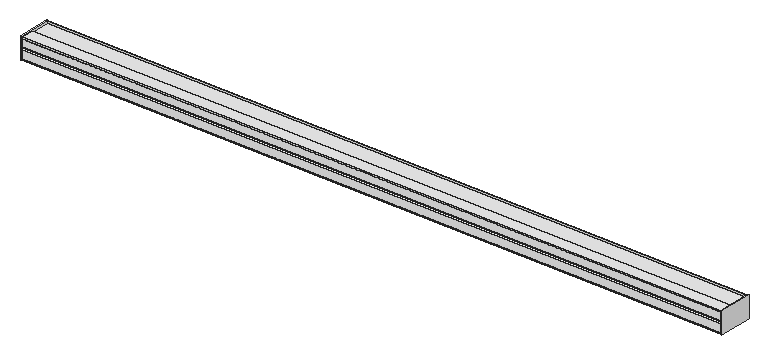
Revit family "4070763+4070747 Feilo Sylvania Lighting Fixture CURSUS 1161MM 871LM OVAL LED 4K with SINGLE WALL HOUSING", category Lighting Fixtures, host Face, Revit 2017
Family settings
  Host = Face
  Round Connector Dimension = Use Diameter
  Part Type = Normal
  OmniClass Number = 23.80.70.14
  OmniClass Title = Luminaries for External Lighting
  Cut with Voids When Loaded = Yes
  Light Source = Yes
  Shared = Yes
  Room Calculation Point = No
Parameters (values of type "4070763 CURSUS 1161MM 871LM OVAL LED 4K")
  Width_FEILO = 35 mm
  Weight = "2.2 kg"
  Wattage Comments = "n/a"
  Wattage = 18 W
  WarrantyStartDate [instance] = "n/a"
  WarrantyGuarantorParts = "n/a"
  WarrantyDurationUnit = "n/a"
  WarrantyDurationParts = "n/a"
  WarrantyDescription = "n/a"
  WallThickness_FEILO = 2.5 mm
  built-in parameter 1150110 = 1 (stored number, unit not read)
  Voltage = 24 V
  URL = "http://www.sylvania-lighting.com"
  TypeName = "CURSUS 1161MM 871LM OVAL LED 4K"
  Type Image = <None>
  Type Comments = "n/a"
  built-in parameter 1114217 = 1 (stored number, unit not read)
  Tilt Angle = -90.00°
  built-in parameter 1150109 = 1 (stored number, unit not read)
  built-in parameter 1150134 = 12
  built-in parameter 1150113 = 1 (stored number, unit not read)
  SerialNumber [instance] = "n/a"
  ReflectorMaterial = none
  PowerFactor = 0
  PowerConsumption = "18 W"
  Photometric Web File = "4070763.ies"
  NominalLength = 1161 mm
  NominalHeight = 50 mm
  NominalDepth = 30 mm
  Name = "CURSUS 1161MM 871LM OVAL LED 4K"
  ModelReference = Name  # "CURSUS 1161MM 871LM OVAL LED 4K"
  ModelNumber = "4070763"
  Model = Name  # "CURSUS 1161MM 871LM OVAL LED 4K"
  Material = "natural anodised extruded aluminium structure housing, optical system with pmma lenses diffuser"
  ManufacturerName = "Feilo Sylvania"
  Manufacturer = "Feilo Sylvania"
  LuminousEfficacy = "48.38 lm/W"
  built-in parameter 1150105 = 1192.8 (stored number, unit not read)
  Lumens = 871 lm
  LuminaireType = ""
  built-in parameter 1150115 = 1 (stored number, unit not read)
  LightOutputRatio = "100"
  built-in parameter 1150137 = (empty or 0)
  built-in parameter 1150139 = (empty or 0)
  Length_FEILO = 1167 mm
  LampsType = Lamp  # "LED"
  LampNominalLuminous = "871 lm"
  LampMacAdamStep = "n/a"
  LampColourTemperature = "4000 K"
  LampColourRenderingIndex = "80"
  built-in parameter 1150112 = 1 (stored number, unit not read)
  built-in parameter 1150114 = 1 (stored number, unit not read)
  Lamp = "LED"
  Keynote = "16500"
  InstallationDate [instance] = "n/a"
  InputVoltage = "24V DC"
  InputNominalFrequency = "50/60 Hz"
  built-in parameter 1150132 = (empty or 0)
  built-in parameter 1150102 = (empty or 0)
  built-in parameter 1150107 = 4000 (stored number, unit not read)
  built-in parameter 1150138 = (empty or 0)
  IngressProtection = "IP67"
  ImpactProtectionIndex = "IK07"
  built-in parameter 1150106 = 11.928 (stored number, unit not read)
  IfcExportType = "IfcLightFixtureType"
  IfcExportAs = "IfcLightFixtureType"
  ExpectedLife = 50000
  EndCapRight [instance] = yes
  EndCapLeft [instance] = yes
  Emit from Rectangle Width = Width_FEILO - WallThickness_FEILO * 2  # 30 mm
  Emit from Rectangle Length = Length_FEILO - WallThickness_FEILO * 2  # 1162 mm
  Emit Shape Visible in Rendering = no
  ElectricShockClassification = "Class III"
  built-in parameter 1150104 = 4.4955 (stored number, unit not read)
  DurationUnit = "hours"
  DocumentationLiterature = "http://www.sylvania-lighting.com/product/en-int/products/4070763"
  DimmingControlOptions = "n/a"
  Dimming Lamp Color Temperature Shift = <None>
  DiffuserMaterial = Diffuser-Sylvania-Glow
  Description = "LED Exterior Lighting Recessed Surface Mounted Linear Fixture, Natural anodised extruded aluminium structure. Die-cast aluminium end caps. Installation kit with harmonic steel springs., 871 lm, 18W,  48lm/W, 4000K, CRI80+,non dimmable,IP67, IK07, (HxWxD) 1161x50x30mm, 3 step Mac Adam Ellipse, 2.2kg,, Classe III, 21-25V-DC, energy class : A++, A+, A"
  Default Elevation = 1219.2 mm
  CreatedOn = "1/8/2018"
  CreatedBy = ""
  Cost = 0
  Color Filter = 16777215
  built-in parameter 1114216 [instance] = (empty or 0)
  ClassificationValue = "EF_70_80"
  ClassificationName = "Uniclass2015"
  BodyMaterial = Body-Sylvania-Gray
  BarCode [instance] = "n/a"
  built-in parameter 1114218 = 1 (stored number, unit not read)
  built-in parameter 1150133 = 10 (stored number, unit not read)
  AssetType = "Fixed"
  AssetIdentifier [instance] = "n/a"
  Assembly Code = "D5020200"
  Apparent Load = 18 VA
  AccessoryMaterial = Diffuser-Sylvania-Glow
Reference planes
  plane 1 "Center (Front/Back)": y = 0
  plane 2: z = 0
  plane 3 "Center (Left/Right)": x = 0
  plane 4: x = 583.5
  plane 5: x = -583.5
  plane 6: x = -581
  plane 7: x = 581
  plane 8: z = 35
  plane 9: z = 17.5
  plane 10: z = 32.5
  plane 11: z = 2.5
  plane 12: z = 30
  plane 13: z = 5
  plane 14: y = -55
  plane 15: y = -53
  plane 16: y = -2.5
  plane 17: y = -37
  plane 18: y = -34.5
Forms (mm)
  Extrusion 1, solid, material "Body-Sylvania-Gray" <- "BodyMaterial"
    sketch origin (0, 0, 0) x (0, 1, 0) y (0, 0, 1)
      loop
        line (0, 35) -> (-2.5, 35) -> (-2.5, 32.5) -> (-34.5, 32.5) -> (-34.5, 35) -> (-55, 35) -> (-55, 32.5) -> (-37, 32.5) -> (-37, 30) -> (-2.5, 30) -> (-2.5, 5) -> (-37, 5) -> (-37, 2.5) -> (-55, 2.5) -> (-55, 0) -> (-34.5, 0) -> (-34.5, 2.5) -> (-2.5, 2.5) -> (-2.5, 0) -> (0, 0) -> (0, 35)
    from -581 to 581
  Extrusion 2, solid, material "Diffuser-Sylvania-Glow" <- "DiffuserMaterial"
    sketch origin (0, 0, 0) x (0, 1, 0) y (0, 0, 1)
      loop
        line (-37, 32.5) -> (-55, 32.5) -> (-55, 19.5) -> (-53, 17.5) -> (-55, 15.5) -> (-55, 2.5) -> (-37, 2.5) -> (-37, 32.5)
    from -581 to 581
  Extrusion 3, solid, material "Body-Sylvania-Gray" <- "BodyMaterial", visible <- "EndCapRight"
    sketch origin (581, 1524, 1219.2) x (0, 1, 0) y (0, 0, 1)
      loop
        line (-1579, -1184.2) -> (-1579, -1219.2) -> (-1524, -1219.2) -> (-1524, -1184.2) -> (-1579, -1184.2)
    from 0 to 2.5
  Extrusion 4, solid, material "Body-Sylvania-Gray" <- "BodyMaterial", visible <- "EndCapLeft"
    sketch origin (-581, 1524, 1219.2) x (0, 1, 0) y (0, 0, 1)
      loop
        line (-1579, -1184.2) -> (-1579, -1219.2) -> (-1524, -1219.2) -> (-1524, -1184.2) -> (-1579, -1184.2)
    from -2.5 to 0
Dimensions and locks
  equal spacing: plane 5, plane 3 "Center (Left/Right)", plane 4
  "Length_FEILO": plane 5 to plane 4
  equal spacing: plane 6, plane 3 "Center (Left/Right)", plane 7
  "WallThickness_FEILO": plane 5 to plane 6
  locked: plane 9 to plane 2 at 17.5
  locked: plane 8 to plane 2 at 35
  equal spacing: plane 11, plane 9, plane 10
  equal spacing: plane 13, plane 9, plane 12
  "WallThickness_FEILO": plane 12 to plane 10
  locked: plane 14 to plane 15 at 2
  locked: plane 14 to plane 17 at 18
  "WallThickness_FEILO": plane 17 to plane 18
  "WallThickness_FEILO": plane 16 to plane 1 "Center (Front/Back)"
  locked: plane 15 to Extrusion 2 sketch curve (angle 45.00°)
  locked: Extrusion 2 sketch curve to plane 15 (angle 45.00°)
  aligned and locked: plane 2 to host face
  aligned and locked: level to host face
  aligned and locked: plane 1 "Center (Front/Back)" to Extrusion 1 sketch curve
  aligned and locked: Extrusion 1 sketch curve to plane 8  (x2)
  aligned and locked: plane 16 to Extrusion 1 sketch curve
  aligned and locked: host face to Extrusion 1 sketch curve
  aligned and locked: Extrusion 1 sketch curve to plane 16  (x2)
  aligned and locked: Extrusion 1 sketch curve to plane 11
  aligned and locked: plane 18 to Extrusion 1 sketch curve
  aligned and locked: level to Extrusion 1 sketch curve
  aligned and locked: plane 11 to Extrusion 1 sketch curve
  aligned and locked: Extrusion 1 sketch curve to plane 17
  aligned and locked: plane 13 to Extrusion 1 sketch curve
  aligned and locked: Extrusion 1 sketch curve to plane 12
  aligned and locked: plane 10 to Extrusion 1 sketch curve  (x2)
  aligned and locked: plane 17 to Extrusion 1 sketch curve  (x2)
  aligned and locked: plane 12 to Extrusion 1 sketch curve
  aligned and locked: Extrusion 1 sketch curve to plane 10
  aligned and locked: Extrusion 1 sketch curve to plane 18
  aligned and locked: plane 7 to Extrusion 1
  aligned and locked: Extrusion 1 to plane 6
  aligned and locked: Extrusion 2 sketch curve to Extrusion 1  (x4)
  aligned and locked: Extrusion 1 to Extrusion 2 sketch curve
  aligned and locked: plane 9 to Extrusion 2 sketch curve
  aligned and locked: plane 7 to Extrusion 2
  aligned and locked: Extrusion 2 to plane 6
  aligned and locked: Extrusion 3 sketch curve to Extrusion 1  (x4)
  aligned and locked: plane 4 to Extrusion 3
  aligned and locked: Extrusion 3 to plane 7
  aligned and locked: Extrusion 4 sketch curve to Extrusion 3  (x3)
  aligned and locked: Extrusion 4 sketch curve to Extrusion 1
  aligned and locked: Extrusion 4 to plane 5
  aligned and locked: plane 6 to Extrusion 4
  aligned and locked: plane 14 to imposter light
  aligned and locked: imposter light to plane 9
  aligned and locked: plane 3 "Center (Left/Right)" to imposter light
Automatic sketch dimensions
  host sketch curve to host sketch curve = 2438.4 mm  (x2)
  Extrusion 1 sketch curve to plane 14 = 0 mm  (x2)
  Extrusion 2 sketch curve to plane 15 = 0 mm
Connectors
  electrical at (0, 0, 0), driven by "Apparent Load", driven by "PowerFactor", driven by "Voltage"
    settings: index 1, voltage 24 V, apparent load 18 VA, apparent load phase1 0 VA, apparent load phase2 0 VA, apparent load phase3 0 VA, power factor 0, load classification "Lighting", number of poles 1, system type 30, power factor state 1, is connector primary yes, connector utility no, sub classification motor no, connector description ""
